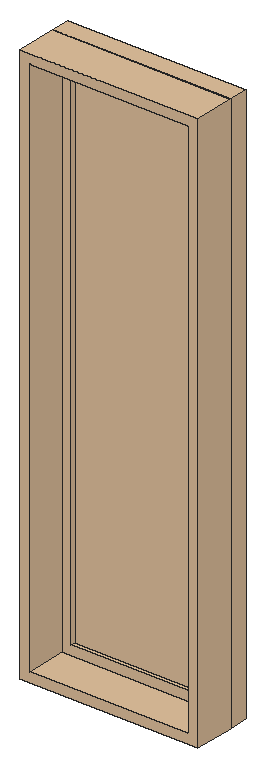
Revit family "W12_鋁百葉1", category 窗, Revit 2014
Parameters (values of type "60 x 190 cm 2")
  熱阻 (R) = 0.271106 (m²·K)/W
  Visual Light Transmittance = 0.9
  Solar Heat Gain Coefficient = 0.78
  營造類型 Id = "GSP4R"
  傳熱係數 (U) = 3.6886 W/(m²·K)
  框架外部材料 = 窗框
  框架內部材料 = 窗框
  玻璃窗格材料 = 玻璃
  高度 = 1900 mm
  窗框 = 窗框
  預設窗台高度 = 300 mm
  牆封閉 = 依主體
  寬度 = 600 mm
  窗戶內嵌 = 19 mm
  解析營造 = "1/8 英吋 Pilkington 單層鑲嵌玻璃"
Reference planes
  plane 1: y = 0
  plane 2 "中心": x = 0
  plane 3 "左": x = -300
  plane 4 "右": x = 300
  plane 5 "窗台": z = 300
  plane 6 "標頭": z = 2200
  plane 7: x = -281
  plane 8: x = 281
  plane 9: x = -268
  plane 10: x = 268
  plane 11: z = 2181
  plane 12: z = 2168
  plane 13: z = 332
  plane 14 "封閉": y = 66
Forms (mm)
  Extrusion 1, solid, material "窗框" <- "框架內部材料"
    sketch origin (0, 0, 0) x (-1, 0, 0) y (0, 0, 1)
      loop
        line (-300, 2200) -> (-300, 300) -> (300, 300) -> (300, 2200) -> (-300, 2200)
      loop
        line (-268, 2168) -> (-268, 332) -> (268, 332) -> (268, 2168) -> (-268, 2168)
    from -87 to 50
  Extrusion 2, solid, material "窗框" <- "框架外部材料"
    sketch origin (0, 0, 0) x (-1, 0, 0) y (0, 0, 1)
      loop
        line (-300, 2200) -> (-300, 300) -> (300, 300) -> (300, 2200) -> (-300, 2200)
      loop
        line (-281, 2181) -> (-281, 319) -> (281, 319) -> (281, 2181) -> (-281, 2181)
    from 50 to 113
  Extrusion 3, solid, material "窗框" <- "窗框"
    sketch origin (0, 0, 0) x (-1, 0, 0) y (0, 0, 1)
      loop
        line (-281, 2181) -> (-281, 319) -> (281, 319) -> (281, 2181) -> (-281, 2181)
      loop
        line (-237, 2137) -> (-237, 363) -> (237, 363) -> (237, 2137) -> (-237, 2137)
    from 50 to 94
  Extrusion 4, solid, material "窗框" <- "窗框"
    sketch origin (0, 0, 0) x (-1, 0, 0) y (0, 0, 1)
      loop
        line (-237, 2137) -> (-237, 363) -> (237, 363) -> (237, 2137) -> (-237, 2137)
    from 66 to 78
Lines and regions (mm)
  Opening 1
    outline origin (3500, -87, 0) x (1, 0, 0) y (0, 0, 1)
      loop
        line (-3200, 300) -> (-3200, 2200) -> (-3800, 2200) -> (-3800, 300) -> (-3200, 300)
  symbolic lines, style "WindowsFrameMullionProjection"
    curve 1: line (-300, 113, 0) -> (-281, 113, 0)
    curve 2: line (-300, -87, 0) -> (-268, -87, 0)
    curve 3: line (-281, 94, 0) -> (-237, 94, 0)
    curve 4: line (-281, 50, 0) -> (-237, 50, 0)
    curve 5: line (-281, 113, 0) -> (-281, 50, 0)
    curve 6: line (-237, 94, 0) -> (-237, 50, 0)
    curve 7: line (-268, 50, 0) -> (-268, -87, 0)
    curve 8: line (298.878, 113, 0) -> (281, 113, 0)
    curve 9: line (281, 113, 0) -> (281, 50, 0)
    curve 10: line (281, 94, 0) -> (237, 94, 0)
    curve 11: line (237, 94, 0) -> (237, 50, 0)
    curve 12: line (237, 50, 0) -> (281, 50, 0)
    curve 13: line (300, -87, 0) -> (268, -87, 0)
    curve 14: line (268, 50, 0) -> (268, -87, 0)
  symbolic lines, style "WindowsGlassProjection"
    curve 15: line (-237, 72, 0) -> (237, 72, 0)
  model lines
    curve 16: line (-237, 66, 403) -> (237, 66, 403)
    curve 17: line (-237, 66, 443) -> (237, 66, 443)
    curve 18: line (-237, 66, 483) -> (237, 66, 483)
    curve 19: line (-237, 66, 523) -> (237, 66, 523)
    curve 20: line (-237, 66, 563) -> (237, 66, 563)
    curve 21: line (-237, 66, 603) -> (237, 66, 603)
    curve 22: line (-237, 66, 643) -> (237, 66, 643)
    curve 23: line (-237, 66, 683) -> (237, 66, 683)
    curve 24: line (-237, 66, 723) -> (237, 66, 723)
    curve 25: line (-237, 66, 763) -> (237, 66, 763)
    curve 26: line (-237, 66, 803) -> (237, 66, 803)
    curve 27: line (-237, 66, 843) -> (237, 66, 843)
    curve 28: line (-237, 66, 883) -> (237, 66, 883)
    curve 29: line (-237, 66, 923) -> (237, 66, 923)
    curve 30: line (-237, 66, 963) -> (237, 66, 963)
    curve 31: line (-237, 66, 1003) -> (237, 66, 1003)
    curve 32: line (-237, 66, 1043) -> (237, 66, 1043)
    curve 33: line (-237, 66, 1083) -> (237, 66, 1083)
    curve 34: line (-237, 66, 1123) -> (237, 66, 1123)
    curve 35: line (-237, 66, 1163) -> (237, 66, 1163)
    curve 36: line (-237, 66, 1203) -> (237, 66, 1203)
    curve 37: line (-237, 66, 1243) -> (237, 66, 1243)
    curve 38: line (-237, 66, 1283) -> (237, 66, 1283)
    curve 39: line (-237, 66, 1323) -> (237, 66, 1323)
    curve 40: line (-237, 66, 1363) -> (237, 66, 1363)
    curve 41: line (-237, 66, 1403) -> (237, 66, 1403)
    curve 42: line (-237, 66, 1443) -> (237, 66, 1443)
    curve 43: line (-237, 66, 1483) -> (237, 66, 1483)
    curve 44: line (-237, 66, 1523) -> (237, 66, 1523)
    curve 45: line (-237, 66, 1563) -> (237, 66, 1563)
    curve 46: line (-237, 66, 1603) -> (237, 66, 1603)
    curve 47: line (-237, 66, 1643) -> (237, 66, 1643)
    curve 48: line (-237, 66, 1683) -> (237, 66, 1683)
    curve 49: line (-237, 66, 1723) -> (237, 66, 1723)
    curve 50: line (-237, 66, 1763) -> (237, 66, 1763)
    curve 51: line (-237, 66, 1803) -> (237, 66, 1803)
    curve 52: line (-237, 66, 1843) -> (237, 66, 1843)
    curve 53: line (-237, 66, 1883) -> (237, 66, 1883)
    curve 54: line (-237, 66, 1923) -> (237, 66, 1923)
    curve 55: line (-237, 66, 1963) -> (237, 66, 1963)
    curve 56: line (-237, 66, 2003) -> (237, 66, 2003)
    curve 57: line (-237, 66, 2043) -> (237, 66, 2043)
    curve 58: line (-237, 66, 2083) -> (237, 66, 2083)
    curve 59: line (-237, 66, 2123) -> (237, 66, 2123)
    curve 60: line (-237, 78, 403) -> (237, 78, 403)
    curve 61: line (-237, 78, 443) -> (237, 78, 443)
    curve 62: line (-237, 78, 483) -> (237, 78, 483)
    curve 63: line (-237, 78, 523) -> (237, 78, 523)
    curve 64: line (-237, 78, 563) -> (237, 78, 563)
    curve 65: line (-237, 78, 603) -> (237, 78, 603)
    curve 66: line (-237, 78, 643) -> (237, 78, 643)
    curve 67: line (-237, 78, 683) -> (237, 78, 683)
    curve 68: line (-237, 78, 723) -> (237, 78, 723)
    curve 69: line (-237, 78, 763) -> (237, 78, 763)
    curve 70: line (-237, 78, 803) -> (237, 78, 803)
    curve 71: line (-237, 78, 843) -> (237, 78, 843)
    curve 72: line (-237, 78, 883) -> (237, 78, 883)
    curve 73: line (-237, 78, 923) -> (237, 78, 923)
    curve 74: line (-237, 78, 963) -> (237, 78, 963)
    curve 75: line (-237, 78, 1003) -> (237, 78, 1003)
    curve 76: line (-237, 78, 1043) -> (237, 78, 1043)
    curve 77: line (-237, 78, 1083) -> (237, 78, 1083)
    curve 78: line (-237, 78, 1123) -> (237, 78, 1123)
    curve 79: line (-237, 78, 1163) -> (237, 78, 1163)
    curve 80: line (-237, 78, 1203) -> (237, 78, 1203)
    curve 81: line (-237, 78, 1243) -> (237, 78, 1243)
    curve 82: line (-237, 78, 1283) -> (237, 78, 1283)
    curve 83: line (-237, 78, 1323) -> (237, 78, 1323)
    curve 84: line (-237, 78, 1363) -> (237, 78, 1363)
    curve 85: line (-237, 78, 1403) -> (237, 78, 1403)
    curve 86: line (-237, 78, 1443) -> (237, 78, 1443)
    curve 87: line (-237, 78, 1483) -> (237, 78, 1483)
    curve 88: line (-237, 78, 1523) -> (237, 78, 1523)
    curve 89: line (-237, 78, 1563) -> (237, 78, 1563)
    curve 90: line (-237, 78, 1603) -> (237, 78, 1603)
    curve 91: line (-237, 78, 1643) -> (237, 78, 1643)
    curve 92: line (-237, 78, 1683) -> (237, 78, 1683)
    curve 93: line (-237, 78, 1723) -> (237, 78, 1723)
    curve 94: line (-237, 78, 1763) -> (237, 78, 1763)
    curve 95: line (-237, 78, 1803) -> (237, 78, 1803)
    curve 96: line (-237, 78, 1843) -> (237, 78, 1843)
    curve 97: line (-237, 78, 1883) -> (237, 78, 1883)
    curve 98: line (-237, 78, 1923) -> (237, 78, 1923)
    curve 99: line (-237, 78, 1963) -> (237, 78, 1963)
    curve 100: line (-237, 78, 2003) -> (237, 78, 2003)
    curve 101: line (-237, 78, 2043) -> (237, 78, 2043)
    curve 102: line (-237, 78, 2083) -> (237, 78, 2083)
    curve 103: line (-237, 78, 2123) -> (237, 78, 2123)
Text (mm)
  text "外部" at (-1394.263, 836.427, 0), in view "樓板線"
  text "內部" at (-1394.263, -535.979, 0), in view "樓板線"
  text "外部" at (0, 314.263, 3273.967), in view "右"
  text "外部" at (0, 999.457, 3063.296), in view "左"
Dimensions and locks
  equal spacing: plane 3 "左", plane 2 "中心", plane 4 "右"
  "寬度": plane 3 "左" to plane 4 "右"
  "高度": plane 5 "窗台" to plane 6 "標頭"
  "預設窗台高度": plane 5 "窗台" to level
  "窗戶內嵌": host wall to Extrusion 3
  locked: Extrusion 3 to Extrusion 3 at 44
  locked: Extrusion 3 to Extrusion 4 at 16
  locked: Extrusion 4 to Extrusion 4 at 12
  locked: Extrusion 1 sketch curve to Extrusion 1 sketch curve at 32  (x2)
  locked: plane 3 "左" to plane 7 at 19
  locked: plane 8 to plane 4 "右" at 19
  locked: plane 10 to plane 4 "右" at 32
  locked: plane 3 "左" to plane 9 at 32
  locked: plane 11 to plane 6 "標頭" at 19
  locked: plane 6 "標頭" to plane 12 at 32
  locked: plane 13 to plane 5 "窗台" at 32
  locked: plane 14 "封閉" to host wall at 47
  aligned and locked: host wall to Extrusion 1
  aligned and locked: host wall to Extrusion 2
  aligned and locked: Extrusion 3 sketch curve to Extrusion 2  (x4)
  aligned and locked: Extrusion 3 to Extrusion 1
  aligned and locked: Extrusion 2 to Extrusion 1
  aligned and locked: Extrusion 4 sketch curve to Extrusion 3  (x4)
  aligned and locked: curve 1 to Extrusion 2  (x2)
  aligned and locked: Extrusion 1 to curve 2
  aligned and locked: curve 3 to Extrusion 3
  aligned and locked: curve 4 to Extrusion 2  (x2)
  aligned and locked: curve 5 to Extrusion 2
  aligned and locked: curve 6 to Extrusion 3
  aligned and locked: curve 7 to Extrusion 1
  aligned and locked: Extrusion 2 to curve 9
  aligned and locked: curve 10 to Extrusion 3
  aligned and locked: curve 11 to Extrusion 3
  aligned and locked: Extrusion 3 to curve 12
  aligned and locked: curve 13 to Extrusion 1  (x2)
  aligned and locked: curve 14 to Extrusion 1
  aligned and locked: Extrusion 2 to curve 8
Automatic sketch dimensions
  Extrusion 1 sketch curve to plane 5 "窗台" = 32 mm
  plane 6 "標頭" to Extrusion 1 sketch curve = 32 mm
  plane 4 "右" to Extrusion 2 sketch curve = 19 mm
  Extrusion 2 sketch curve to Extrusion 2 sketch curve = 19 mm
  Extrusion 2 sketch curve to plane 5 "窗台" = 19 mm
  plane 6 "標頭" to Extrusion 2 sketch curve = 19 mm
  Extrusion 1 sketch curve to plane 4 "右" = 0 mm
  Extrusion 1 sketch curve to plane 3 "左" = 0 mm
  Extrusion 1 sketch curve to plane 5 "窗台" = 0 mm
  Extrusion 1 sketch curve to plane 6 "標頭" = 0 mm
  Extrusion 2 sketch curve to plane 4 "右" = 0 mm
  Extrusion 2 sketch curve to plane 3 "左" = 0 mm
  Extrusion 2 sketch curve to plane 5 "窗台" = 0 mm
  Extrusion 2 sketch curve to plane 6 "標頭" = 0 mm
  Opening 1 sketch curve to plane 3 "左" = 0 mm
  Opening 1 sketch curve to plane 4 "右" = 0 mm
  Opening 1 sketch curve to plane 5 "窗台" = 0 mm
  Opening 1 sketch curve to plane 6 "標頭" = 0 mm
  host wall to curve 7 = 0 mm
  plane 4 "右" to curve 8 = 1.122 mm
  curve 15 to plane 14 "封閉" = 6 mm
  plane 10 to Extrusion 3 sketch curve = 31 mm
  Extrusion 3 sketch curve to plane 13 = 31 mm
  Extrusion 3 sketch curve to plane 9 = 31 mm
  plane 12 to Extrusion 3 sketch curve = 31 mm
  Extrusion 4 to curve 16 = 0 mm
  Extrusion 4 to curve 17 = 0 mm
  Extrusion 4 to curve 18 = 0 mm
  Extrusion 4 to curve 19 = 0 mm
  Extrusion 4 to curve 20 = 0 mm
  Extrusion 4 to curve 59 = 0 mm
  Extrusion 4 to curve 21 = 0 mm
  Extrusion 4 to curve 58 = 0 mm
  Extrusion 4 to curve 22 = 0 mm
  Extrusion 4 to curve 57 = 0 mm
  Extrusion 4 to curve 23 = 0 mm
  Extrusion 4 to curve 56 = 0 mm
  Extrusion 4 to curve 24 = 0 mm
  Extrusion 4 to curve 55 = 0 mm
  Extrusion 4 to curve 25 = 0 mm
  Extrusion 4 to curve 54 = 0 mm
  Extrusion 4 to curve 26 = 0 mm
  Extrusion 4 to curve 53 = 0 mm
  Extrusion 4 to curve 27 = 0 mm
  Extrusion 4 to curve 52 = 0 mm
  Extrusion 4 to curve 28 = 0 mm
  Extrusion 4 to curve 51 = 0 mm
  Extrusion 4 to curve 29 = 0 mm
  Extrusion 4 to curve 50 = 0 mm
  Extrusion 4 to curve 30 = 0 mm
  Extrusion 4 to curve 49 = 0 mm
  Extrusion 4 to curve 31 = 0 mm
  Extrusion 4 to curve 48 = 0 mm
  Extrusion 4 to curve 32 = 0 mm
  Extrusion 4 to curve 47 = 0 mm
  Extrusion 4 to curve 33 = 0 mm
  Extrusion 4 to curve 46 = 0 mm
  Extrusion 4 to curve 34 = 0 mm
  Extrusion 4 to curve 45 = 0 mm
  Extrusion 4 to curve 35 = 0 mm
  Extrusion 4 to curve 44 = 0 mm
  Extrusion 4 to curve 36 = 0 mm
  Extrusion 4 to curve 43 = 0 mm
  Extrusion 4 to curve 37 = 0 mm
  Extrusion 4 to curve 42 = 0 mm
  Extrusion 4 to curve 38 = 0 mm
  Extrusion 4 to curve 41 = 0 mm
  Extrusion 4 to curve 39 = 0 mm
  Extrusion 4 to curve 40 = 0 mm
  curve 41 to Extrusion 4 = 0 mm
  curve 39 to Extrusion 4 = 0 mm
  curve 42 to Extrusion 4 = 0 mm
  curve 38 to Extrusion 4 = 0 mm
  curve 43 to Extrusion 4 = 0 mm
  curve 37 to Extrusion 4 = 0 mm
  curve 44 to Extrusion 4 = 0 mm
  curve 36 to Extrusion 4 = 0 mm
  curve 45 to Extrusion 4 = 0 mm
  curve 35 to Extrusion 4 = 0 mm
  curve 46 to Extrusion 4 = 0 mm
  curve 34 to Extrusion 4 = 0 mm
  curve 47 to Extrusion 4 = 0 mm
  curve 33 to Extrusion 4 = 0 mm
  curve 48 to Extrusion 4 = 0 mm
  curve 32 to Extrusion 4 = 0 mm
  curve 49 to Extrusion 4 = 0 mm
  curve 31 to Extrusion 4 = 0 mm
  curve 50 to Extrusion 4 = 0 mm
  curve 30 to Extrusion 4 = 0 mm
  curve 51 to Extrusion 4 = 0 mm
  curve 29 to Extrusion 4 = 0 mm
  curve 52 to Extrusion 4 = 0 mm
  curve 28 to Extrusion 4 = 0 mm
  curve 53 to Extrusion 4 = 0 mm
  curve 27 to Extrusion 4 = 0 mm
  curve 54 to Extrusion 4 = 0 mm
  curve 26 to Extrusion 4 = 0 mm
  curve 55 to Extrusion 4 = 0 mm
  curve 25 to Extrusion 4 = 0 mm
  curve 56 to Extrusion 4 = 0 mm
  curve 24 to Extrusion 4 = 0 mm
  curve 57 to Extrusion 4 = 0 mm
  curve 23 to Extrusion 4 = 0 mm
  curve 58 to Extrusion 4 = 0 mm
  curve 22 to Extrusion 4 = 0 mm
  curve 59 to Extrusion 4 = 0 mm
  curve 21 to Extrusion 4 = 0 mm
  curve 20 to Extrusion 4 = 0 mm
  curve 19 to Extrusion 4 = 0 mm
  curve 18 to Extrusion 4 = 0 mm
  curve 17 to Extrusion 4 = 0 mm
  curve 40 to Extrusion 4 = 0 mm
  curve 16 to Extrusion 4 = 0 mm
  Extrusion 4 to curve 16 = 40 mm
  curve 16 to curve 17 = 40 mm
  curve 17 to curve 18 = 40 mm
  curve 18 to curve 19 = 40 mm
  curve 19 to curve 20 = 40 mm
  curve 20 to curve 21 = 40 mm
  curve 21 to curve 22 = 40 mm
  curve 22 to curve 23 = 40 mm
  curve 23 to curve 24 = 40 mm
  curve 24 to curve 25 = 40 mm
  curve 25 to curve 26 = 40 mm
  curve 26 to curve 27 = 40 mm
  curve 27 to curve 28 = 40 mm
  curve 28 to curve 29 = 40 mm
  curve 29 to curve 30 = 40 mm
  curve 30 to curve 31 = 40 mm
  curve 31 to curve 32 = 40 mm
  curve 32 to curve 33 = 40 mm
  curve 33 to curve 34 = 40 mm
  curve 34 to curve 35 = 40 mm
  curve 35 to curve 36 = 40 mm
  curve 36 to curve 37 = 40 mm
  curve 37 to curve 38 = 40 mm
  curve 38 to curve 39 = 40 mm
  curve 39 to curve 40 = 40 mm
  curve 40 to curve 41 = 40 mm
  curve 41 to curve 42 = 40 mm
  curve 42 to curve 43 = 40 mm
  curve 43 to curve 44 = 40 mm
  curve 44 to curve 45 = 40 mm
  curve 45 to curve 46 = 40 mm
  curve 46 to curve 47 = 40 mm
  curve 47 to curve 48 = 40 mm
  curve 48 to curve 49 = 40 mm
  curve 49 to curve 50 = 40 mm
  curve 50 to curve 51 = 40 mm
  curve 51 to curve 52 = 40 mm
  curve 52 to curve 53 = 40 mm
  curve 53 to curve 54 = 40 mm
  curve 54 to curve 55 = 40 mm
  curve 55 to curve 56 = 40 mm
  curve 56 to curve 57 = 40 mm
  curve 57 to curve 58 = 40 mm
  Extrusion 4 to curve 59 = 14 mm
  plane 10 to curve 60 = 31 mm
  plane 10 to curve 61 = 31 mm
  plane 10 to curve 62 = 31 mm
  plane 10 to curve 63 = 31 mm
  plane 10 to curve 64 = 31 mm
  plane 10 to curve 103 = 31 mm
  plane 10 to curve 65 = 31 mm
  plane 10 to curve 102 = 31 mm
  plane 10 to curve 66 = 31 mm
  plane 10 to curve 101 = 31 mm
  plane 10 to curve 67 = 31 mm
  plane 10 to curve 100 = 31 mm
  plane 10 to curve 68 = 31 mm
  plane 10 to curve 99 = 31 mm
  plane 10 to curve 69 = 31 mm
  plane 10 to curve 98 = 31 mm
  plane 10 to curve 70 = 31 mm
  plane 10 to curve 97 = 31 mm
  plane 10 to curve 71 = 31 mm
  plane 10 to curve 96 = 31 mm
  plane 10 to curve 72 = 31 mm
  plane 10 to curve 95 = 31 mm
  plane 10 to curve 73 = 31 mm
  plane 10 to curve 94 = 31 mm
  plane 10 to curve 74 = 31 mm
  plane 10 to curve 93 = 31 mm
  plane 10 to curve 75 = 31 mm
  plane 10 to curve 92 = 31 mm
  plane 10 to curve 76 = 31 mm
  plane 10 to curve 91 = 31 mm
  plane 10 to curve 77 = 31 mm
  plane 10 to curve 90 = 31 mm
  plane 10 to curve 78 = 31 mm
  plane 10 to curve 89 = 31 mm
  plane 10 to curve 79 = 31 mm
  plane 10 to curve 88 = 31 mm
  plane 10 to curve 80 = 31 mm
  plane 10 to curve 87 = 31 mm
  plane 10 to curve 81 = 31 mm
  plane 10 to curve 86 = 31 mm
  plane 10 to curve 82 = 31 mm
  plane 10 to curve 85 = 31 mm
  plane 10 to curve 83 = 31 mm
  plane 10 to curve 84 = 31 mm
  curve 85 to plane 9 = 31 mm
  curve 83 to plane 9 = 31 mm
  curve 86 to plane 9 = 31 mm
  curve 82 to plane 9 = 31 mm
  curve 87 to plane 9 = 31 mm
  curve 81 to plane 9 = 31 mm
  curve 88 to plane 9 = 31 mm
  curve 80 to plane 9 = 31 mm
  curve 89 to plane 9 = 31 mm
  curve 79 to plane 9 = 31 mm
  curve 90 to plane 9 = 31 mm
  curve 78 to plane 9 = 31 mm
  curve 91 to plane 9 = 31 mm
  curve 77 to plane 9 = 31 mm
  curve 92 to plane 9 = 31 mm
  curve 76 to plane 9 = 31 mm
  curve 93 to plane 9 = 31 mm
  curve 75 to plane 9 = 31 mm
  curve 94 to plane 9 = 31 mm
  curve 74 to plane 9 = 31 mm
  curve 95 to plane 9 = 31 mm
  curve 73 to plane 9 = 31 mm
  curve 96 to plane 9 = 31 mm
  curve 72 to plane 9 = 31 mm
  curve 97 to plane 9 = 31 mm
  curve 71 to plane 9 = 31 mm
  curve 98 to plane 9 = 31 mm
  curve 70 to plane 9 = 31 mm
  curve 99 to plane 9 = 31 mm
  curve 69 to plane 9 = 31 mm
  curve 100 to plane 9 = 31 mm
  curve 68 to plane 9 = 31 mm
  curve 101 to plane 9 = 31 mm
  curve 67 to plane 9 = 31 mm
  curve 102 to plane 9 = 31 mm
  curve 66 to plane 9 = 31 mm
  curve 103 to plane 9 = 31 mm
  curve 65 to plane 9 = 31 mm
  curve 64 to plane 9 = 31 mm
  curve 63 to plane 9 = 31 mm
  curve 62 to plane 9 = 31 mm
  curve 61 to plane 9 = 31 mm
  curve 84 to plane 9 = 31 mm
  curve 60 to plane 9 = 31 mm
  curve 103 to curve 102 = 40 mm
  curve 102 to curve 101 = 40 mm
  curve 101 to curve 100 = 40 mm
  curve 100 to curve 99 = 40 mm
  curve 99 to curve 98 = 40 mm
  curve 98 to curve 97 = 40 mm
  curve 97 to curve 96 = 40 mm
  curve 96 to curve 95 = 40 mm
  curve 95 to curve 94 = 40 mm
  curve 94 to curve 93 = 40 mm
  curve 93 to curve 92 = 40 mm
  curve 92 to curve 91 = 40 mm
  curve 91 to curve 90 = 40 mm
  curve 90 to curve 89 = 40 mm
  curve 89 to curve 88 = 40 mm
  curve 88 to curve 87 = 40 mm
  curve 87 to curve 86 = 40 mm
  curve 86 to curve 85 = 40 mm
  curve 85 to curve 84 = 40 mm
  curve 84 to curve 83 = 40 mm
  curve 83 to curve 82 = 40 mm
  curve 82 to curve 81 = 40 mm
  curve 81 to curve 80 = 40 mm
  curve 80 to curve 79 = 40 mm
  curve 79 to curve 78 = 40 mm
  curve 78 to curve 77 = 40 mm
  curve 77 to curve 76 = 40 mm
  curve 76 to curve 75 = 40 mm
  curve 75 to curve 74 = 40 mm
  curve 74 to curve 73 = 40 mm
  curve 73 to curve 72 = 40 mm
  curve 72 to curve 71 = 40 mm
  curve 71 to curve 70 = 40 mm
  curve 70 to curve 69 = 40 mm
  curve 69 to curve 68 = 40 mm
  curve 68 to curve 67 = 40 mm
  curve 67 to curve 66 = 40 mm
  curve 66 to curve 65 = 40 mm
  curve 65 to curve 64 = 40 mm
  curve 64 to curve 63 = 40 mm
  curve 63 to curve 62 = 40 mm
  curve 62 to curve 61 = 40 mm
  curve 61 to curve 60 = 40 mm
  plane 12 to curve 103 = 45 mm
